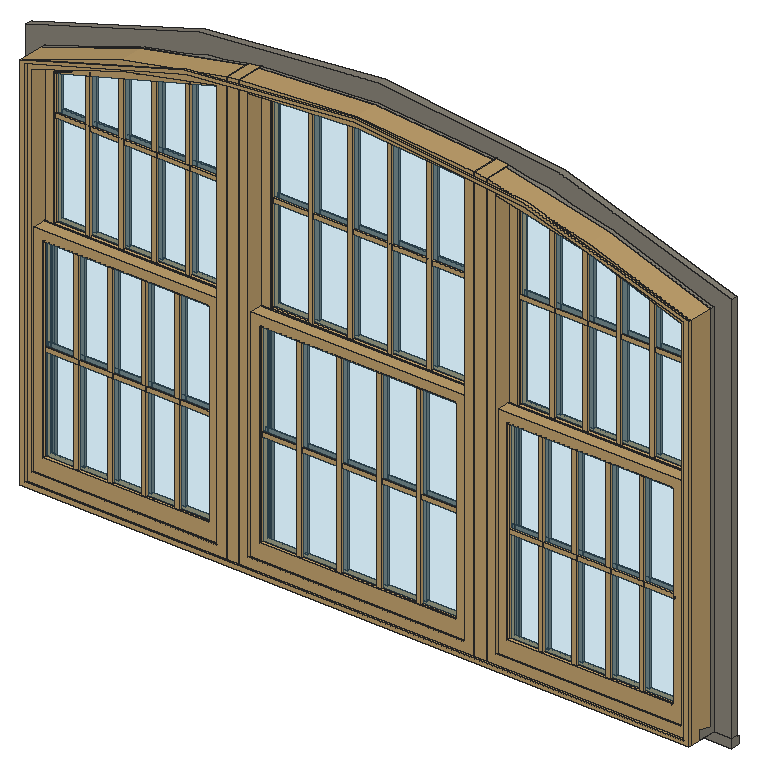
Revit family (continued)
Definition of nested family "Roundtop_Section_Detail"
  Dimensions and locks (in)
    aligned and locked: curve 3 to nested 3
    aligned and locked: nested 2 to curve 3
    aligned and locked: nested 3 to curve 3
    aligned and locked: curve 4 to nested 3
    aligned and locked: nested 2 to curve 4
    aligned and locked: nested 3 to curve 4
    aligned and locked: curve 5 to nested 1  (x2)
    aligned and locked: nested 1 to curve 6
    aligned and locked: curve 6 to nested 1
    aligned and locked: curve 7 to nested 1
    aligned and locked: curve 8 to nested 1
    aligned and locked: nested 3 to curve 7
    aligned and locked: nested 1 to curve 7
    aligned and locked: nested 1 to curve 8
    aligned and locked: nested 3 to curve 8
    aligned and locked: nested 1 to curve 9  (x2)
    aligned and locked: nested 3 to plane 9
  Automatic sketch dimensions
    curve 4 to curve 2 = 0' - 0 1/8"
    curve 5 to curve 7 = 0' - 0"
    curve 6 to curve 8 = 0' - 0"
    curve 2 to curve 4 = 0' - 0"
    curve 1 to curve 3 = 0' - 0"
    curve 2 to curve 9 = 0' - 0.90589"
  Nested families (in)
    nested 1: "Sill" at (0, -31.75, 0) x (-1, 0, 0) z (0, 0, 1), type "Sill", in view "Ref. Level"
    nested 2: "Head" at (0, 31.75, 0) x (-1, 0, 0) z (0, 0, 1), type "Head", in view "Ref. Level"
    nested 3: "Checkrail" at (0, 0.8125, 0) x (-1, 0, 0) z (0, 0, 1), type "Checkrail", in view "Ref. Level"
  Definition of nested family "Sill"
    Parameters (values of type "Jamb")
      Flange Visibility = not(Casing)  # no
      Casing = yes
      Assembly Code = ""
    Reference planes (in)
      plane 1 "Center (Front/Back)": y = 0
      plane 2: z = 0
      plane 3 "Center (Left/Right)": x = 0
    Lines and regions (in)
      detail lines, style "Cut Lines", in view "Ref. Level"
        curve 1: line (-1.09375, 0, 0) -> (4.5625, 0, 0)
        curve 2: line (4.5625, 2.22769, 0) -> (4.5625, 0, 0)
        curve 3: line (3.3125, 1.6875, 0) -> (4.3125, 1.6875, 0)
        curve 4: line (-1.09375, 0.59375, 0) -> (-0.23437, 0.72218, 0)
        curve 5: line (-1.09375, 0, 0) -> (-1.09375, 0.59375, 0)
        curve 6: line (-0.625, 1.33761, 0) -> (-0.625, 0.78125, 0)
        curve 7: line (-0.39825, 1.33761, 0) -> (-0.625, 1.33761, 0)
        curve 8: line (-0.39825, 1.45961, 0) -> (-0.39825, 1.33761, 0)
        curve 9: line (-0.35, 1.53161, 0) -> (-0.601, 1.53161, 0)
        curve 10: line (-0.601, 1.45961, 0) -> (-0.39825, 1.45961, 0)
        curve 11: line (-0.601, 1.45961, 0) -> (-0.601, 1.53161, 0)
        curve 12: line (-0.25, 1.44161, 0) -> (-0.35, 1.44161, 0)
        curve 13: line (-0.35, 1.44161, 0) -> (-0.35, 1.53161, 0)
        curve 14: line (-0.625, 0.78125, 0) -> (-0.25, 0.78125, 0)
        curve 15: line (-0.25, 0.78125, 0) -> (-0.25, 1.44161, 0)
        curve 16: line (4.21875, 1.90625, 0) -> (2.71875, 1.90625, 0)
        curve 17: line (2.46875, 4.65625, 0) -> (2.46875, 1.55765, 0)
        curve 18: line (2.61988, 4.65625, 0) -> (2.46875, 4.65625, 0)
        curve 19: line (2.77655, 4.84375, 0) -> (2.61988, 4.65625, 0)
        curve 20: line (2.8125, 4.09375, 0) -> (2.8125, 4.84375, 0)
        curve 21: line (3.78125, 4.09375, 0) -> (2.8125, 4.09375, 0)
        curve 22: line (3.78125, 4.84375, 0) -> (3.78125, 4.09375, 0)
        curve 23: line (3.93282, 4.84375, 0) -> (3.78125, 4.84375, 0)
        curve 24: line (4.21875, 4.62474, 0) -> (4.15183, 4.62474, 0)
        curve 25: line (4.21875, 1.90625, 0) -> (4.21875, 4.62474, 0)
        curve 26: line (2.8125, 4.84375, 0) -> (2.77655, 4.84375, 0)
        curve 27: line (4.15183, 4.62474, 0) -> (3.93282, 4.84375, 0)
        curve 28: line (3.73438, 4.21875, 0) -> (2.85938, 4.21875, 0)
        curve 29: line (3.60938, 4.53125, 0) -> (2.98438, 4.53125, 0)
        curve 35: line (4.5625, 2.22769, 0) -> (4.3125, 2.22769, 0)
        curve 36: line (4.3125, 2.22769, 0) -> (4.3125, 1.6875, 0)
        curve 37: line (3.3125, 1.6875, 0) -> (-0.23437, 0.80316, 0)
        curve 38: line (-0.23437, 0.80316, 0) -> (-0.23437, 0.72218, 0)
        curve 39: line (2.46875, 1.55765, 0) -> (2.71875, 1.61998, 0)
        curve 40: line (2.71875, 1.90625, 0) -> (2.71875, 1.61998, 0)
      detail lines, style "Cut Lines", in view "Ref. Level", visible <- "Flange Visibility"
        curve 30: line (-0.04501, -1.25, 0) -> (-0.04501, -0.04688, 0)
        curve 31: line (0, 0, 0) -> (0, -1.25, 0)
        curve 32: line (0, -1.25, 0) -> (-0.04501, -1.25, 0)
        curve 33: line (-0.28125, -0.04688, 0) -> (-0.28125, 0, 0)
        curve 34: line (-0.04501, -0.04688, 0) -> (-0.28125, -0.04688, 0)
  Definition of nested family "Head"
    Parameters (values of type "Head")
      Flange Visibility = not(Casing)  # no
      Casing = yes
      Assembly Code = ""
    Reference planes (in)
      plane 1 "Center (Front/Back)": y = 0
      plane 2: z = 0
      plane 3 "Center (Left/Right)": x = 0
    Lines and regions (in)
      detail lines, style "Cut Lines", in view "Ref. Level"
        curve 1: line (-1.09375, 0, 0) -> (4.5625, 0, 0)
        curve 2: line (4.5625, -0.68686, 0) -> (4.5625, 0, 0)
        curve 3: line (2.06079, -1.5, 0) -> (2.68579, -1.5, 0)
        curve 4: line (0.125, -1.78125, 0) -> (0.125, -1.375, 0)
        curve 5: line (-0.21875, -1.78125, 0) -> (0.125, -1.78125, 0)
        curve 6: line (-1.09375, -0.59375, 0) -> (-0.625, -0.66381, 0)
        curve 7: line (-1.09375, 0, 0) -> (-1.09375, -0.59375, 0)
        curve 8: line (0.75049, -1.5625, 0) -> (0.21875, -1.5625, 0)
        curve 9: line (0.21875, -3.03125, 0) -> (0.21875, -1.5625, 0)
        curve 10: line (0.36988, -3.03125, 0) -> (0.21875, -3.03125, 0)
        curve 11: line (0.52655, -3.21875, 0) -> (0.36988, -3.03125, 0)
        curve 12: line (0.5625, -2.46875, 0) -> (0.5625, -3.21875, 0)
        curve 13: line (1.53125, -2.46875, 0) -> (0.5625, -2.46875, 0)
        curve 14: line (1.53125, -3.21875, 0) -> (1.53125, -2.46875, 0)
        curve 15: line (1.68282, -3.21875, 0) -> (1.53125, -3.21875, 0)
        curve 16: line (1.96875, -2.99974, 0) -> (1.90183, -2.99974, 0)
        curve 17: line (1.96875, -0.81212, 0) -> (1.96875, -2.99974, 0)
        curve 18: line (0.5625, -3.21875, 0) -> (0.52655, -3.21875, 0)
        curve 19: line (1.90183, -2.99974, 0) -> (1.68282, -3.21875, 0)
        curve 20: line (1.48438, -2.59375, 0) -> (0.60938, -2.59375, 0)
        curve 21: line (1.35938, -2.90625, 0) -> (0.73438, -2.90625, 0)
        curve 27: line (-0.625, -1.49386, 0) -> (-0.625, -0.66381, 0)
        curve 28: line (-0.39825, -1.49386, 0) -> (-0.625, -1.49386, 0)
        curve 29: line (-0.39825, -1.61586, 0) -> (-0.39825, -1.49386, 0)
        curve 30: line (-0.35, -1.68786, 0) -> (-0.601, -1.68786, 0)
        curve 31: line (-0.601, -1.61586, 0) -> (-0.39825, -1.61586, 0)
        curve 32: line (-0.601, -1.61586, 0) -> (-0.601, -1.68786, 0)
        curve 33: line (-0.21875, -1.59786, 0) -> (-0.35, -1.59786, 0)
        curve 34: line (-0.35, -1.59786, 0) -> (-0.35, -1.68786, 0)
        curve 35: line (-0.625, -0.9375, 0) -> (-0.21875, -0.9375, 0)
        curve 36: line (-0.21875, -0.9375, 0) -> (-0.21875, -1.78125, 0)
        curve 37: line (4.5625, -0.68686, 0) -> (2.68579, -0.68686, 0)
        curve 38: line (2.68579, -0.68686, 0) -> (2.68579, -1.5, 0)
        curve 39: line (2.06079, -0.68686, 0) -> (0.21875, -0.68686, 0)
        curve 40: line (2.06079, -0.68686, 0) -> (2.06079, -1.5, 0)
        curve 41: line (0.21875, -0.68686, 0) -> (0.21875, -1.1875, 0)
        curve 42: line (0.29688, -1.375, 0) -> (0.125, -1.375, 0)
        curve 43: line (1.96875, -0.81212, 0) -> (0.87453, -0.81212, 0)
        curve 44: line (0.87453, -0.81212, 0) -> (0.87453, -1.25087, 0)
        curve 45: line (0.87453, -1.25087, 0) -> (0.75049, -1.51688, 0)
        curve 46: line (0.75049, -1.51688, 0) -> (0.75049, -1.5625, 0)
        curve 47: line (0.29688, -1.1875, 0) -> (0.29688, -1.375, 0)
        curve 48: line (0.21875, -1.1875, 0) -> (0.29688, -1.1875, 0)
      detail lines, style "Cut Lines", in view "Ref. Level", visible <- "Flange Visibility"
        curve 22: line (0, 1.5, 0) -> (0, 0.15, 0)
        curve 23: line (-0.04501, 0, 0) -> (-0.04501, 1.5, 0)
        curve 24: line (-0.04501, 1.5, 0) -> (0, 1.5, 0)
        curve 25: line (0.10999, 0.15, 0) -> (0.10999, 0, 0)
        curve 26: line (0, 0.15, 0) -> (0.10999, 0.15, 0)
  Definition of nested family "Checkrail"
    Parameters (values of type "Jamb")
      Flange Visibility = not(Casing)  # no
      Casing = yes
      Assembly Code = ""
    Reference planes (in)
      plane 1 "Center (Front/Back)": y = 0
      plane 2: z = 0
      plane 3 "Center (Left/Right)": x = 0
    Lines and regions (in)
      detail lines, style "Cut Lines", in view "Ref. Level"
        curve 1: line (4.21875, 0.75, 0) -> (2.1875, 0.75, 0)
        curve 2: line (2.46875, -0.78125, 0) -> (2.46875, -0.34375, 0)
        curve 3: line (2.61988, -0.78125, 0) -> (2.46875, -0.78125, 0)
        curve 4: line (2.77655, -0.96875, 0) -> (2.61988, -0.78125, 0)
        curve 5: line (2.8125, -0.21875, 0) -> (2.8125, -0.96875, 0)
        curve 6: line (3.78125, -0.21875, 0) -> (2.8125, -0.21875, 0)
        curve 7: line (3.78125, -0.96875, 0) -> (3.78125, -0.21875, 0)
        curve 8: line (3.93282, -0.96875, 0) -> (3.78125, -0.96875, 0)
        curve 9: line (4.21875, -0.74974, 0) -> (4.15183, -0.74974, 0)
        curve 10: line (4.21875, 0.75, 0) -> (4.21875, -0.74974, 0)
        curve 11: line (2.8125, -0.96875, 0) -> (2.77655, -0.96875, 0)
        curve 12: line (4.15183, -0.74974, 0) -> (3.93282, -0.96875, 0)
        curve 13: line (3.73438, -0.34375, 0) -> (2.85938, -0.34375, 0)
        curve 14: line (3.60938, -0.65625, 0) -> (2.98438, -0.65625, 0)
        curve 15: line (2.35938, -0.78125, 0) -> (0.21875, -0.78125, 0)
        curve 16: line (0.21875, 0.78125, 0) -> (0.21875, -0.78125, 0)
        curve 17: line (0.36988, 0.78125, 0) -> (0.21875, 0.78125, 0)
        curve 18: line (0.52655, 0.96875, 0) -> (0.36988, 0.78125, 0)
        curve 19: line (0.5625, 0.21875, 0) -> (0.5625, 0.96875, 0)
        curve 20: line (1.53125, 0.21875, 0) -> (0.5625, 0.21875, 0)
        curve 21: line (1.53125, 0.96875, 0) -> (1.53125, 0.21875, 0)
        curve 22: line (1.68282, 0.96875, 0) -> (1.53125, 0.96875, 0)
        curve 23: line (2.09375, 0.74974, 0) -> (1.90183, 0.74974, 0)
        curve 24: line (2.09375, -0.73437, 0) -> (2.09375, 0.74974, 0)
        curve 25: line (0.5625, 0.96875, 0) -> (0.52655, 0.96875, 0)
        curve 26: line (1.90183, 0.74974, 0) -> (1.68282, 0.96875, 0)
        curve 27: line (1.48438, 0.34375, 0) -> (0.60938, 0.34375, 0)
        curve 28: line (1.35938, 0.65625, 0) -> (0.73438, 0.65625, 0)
        curve 29: line (2.1875, -0.62373, 0) -> (2.1875, 0.75, 0)
        curve 30: line (2.46875, -0.34375, 0) -> (2.23484, -0.34375, 0)
        curve 31: line (2.1875, -0.62373, 0) -> (2.23484, -0.62373, 0)
        curve 32: line (2.23484, -0.62373, 0) -> (2.23484, -0.34375, 0)
        curve 33: line (2.35938, -0.4375, 0) -> (2.35938, -0.78125, 0)
        curve 34: line (2.35938, -0.4375, 0) -> (2.31297, -0.4375, 0)
        curve 35: line (2.31297, -0.4375, 0) -> (2.31297, -0.73437, 0)
        curve 36: line (2.31297, -0.73437, 0) -> (2.09375, -0.73437, 0)
        curve 37: line (-0.53064, 0.34375, 0) -> (-0.24939, 0.34375, 0)
        curve 38: line (-0.53064, -0.40625, 0) -> (-0.53064, 0.34375, 0)
        curve 39: line (-0.24939, -0.40625, 0) -> (-0.53064, -0.40625, 0)
        curve 40: line (-0.24939, 0.34375, 0) -> (-0.24939, -0.40625, 0)
